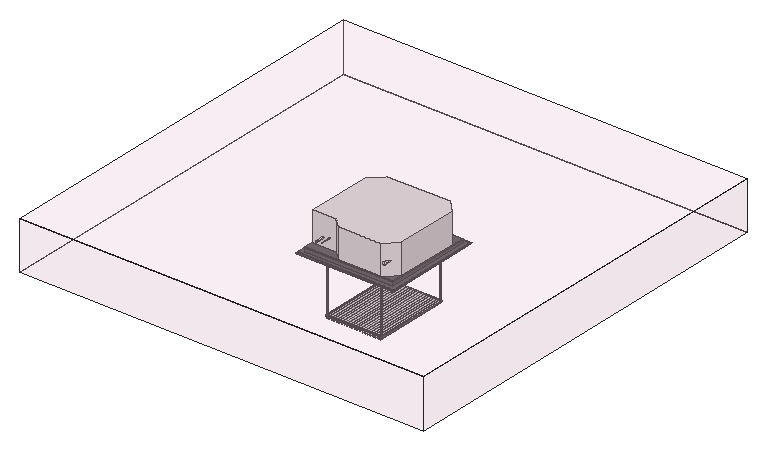
Revit family "Hitachi_Silent-iconic-design-elevation-grid-white-EU_LOD400", category Mechanical Equipment, Revit 2018
Family settings
  Round Connector Dimension = Use Diameter
  Classification = None
  Part Type = Normal
  OmniClass Number = 23.75.70.00
  OmniClass Title = HVAC Distribution Devices
  Work Plane-Based = No
  Always vertical = Yes
  Cut with Voids When Loaded = No
  Shared = No
  Room Calculation Point = No
Parameters (values of type "RCI-6.0FSR1 + P-GP160NAPU")
  Uniformat code = "D3040"
  Uniformat = "Distribution Systems"
  Sound Pressure Level (hi) = 49
  Sound Pressure Level (Me) = 45
  Sound Pressure Level (Lo) = 49
  Sound Pressure Level (Hi2) = 51
  Refrigerant Type = ""
  Object type = ""
  Model = "4-way cassette Design Panel Silent-Iconic (Elevation Grille White) - EU"
  Nominal Heating Capacity = 18000 W
  Manufacturer = "Hitachi Air Conditioning Europe SAS"
  Nominal Cooling Capacity = 16000 W
  Clearance Zone [instance] = yes
  Reference description = "Elevation Grille (Natural White)"
  Reference = "RCI-6.0FSR1 + P-GP160NAPU"
  RCI Height = 298 mm
  Product Code = "RCI-6.0FSR1 + P-GP160NAPU"
  Overall width = 950 mm
  Overall height = 378 mm
  Overall depth = 950 mm
  Outlet Diameter = 32 mm
  OmniClass description = "Air Handling Units"
  OmniClass code = "23-33 25 00"
  Number of Phases = 1
  Nominal Voltage = 230 V
  Net Weight = 36.00 kg
  Name BIM&CO = "Indoor Unit"
  Minimum AC Voltage = 207 V
  Maximum AC Voltage = 253 V
  Masterformat Code = "23 73 00"
  MasterFormat = "Indoor Central-Station Air-Handling Units"
  Liquid Diameter = 9.52 mm
  Indoor fan - Air Flow Rate (Me) = 1560.0 m³/h
  Indoor fan - Air Flow Rate (Lo) = 1260.0 m³/h
  Indoor fan - Air Flow Rate (Hi2) = 2220.0 m³/h
  Indoor fan - Air Flow Rate (Hi) = 1980.0 m³/h
  Gas Diameter = 15.88 mm
  GTIN (Global Trade Item Number) = ""
  Frequency = 50 Hz
  Elevation Grid Height [instance] = 500 mm
  Connection type = "flare-nut connection"
  BIM&CO code = ""
  BC_VARIANT_ID = "963913"
  BC_OBJECT_VERSION = "#3"  # constant formula
  BC_OBJECT_ID = "428634"  # constant formula
  BC_MODEL_ID = "1194583"  # constant formula
Types (8, lengths in mm): name | Sound Pressure Level (hi) | Sound Pressure Level (Me) | Sound Pressure Level (Lo) | Sound Pressure Level (Hi2) | Nominal Heating Capacity | Nominal Cooling Capacity | Reference | Product Code | Net Weight | Liquid Diameter | Gas Diameter | BC_VARIANT_ID
  RCI-1.0FSR1 + P-GP160NAPU | 32 | 30 | 29 | 35 | 3200 W | 2800 W | "RCI-1.0FSR1 + P-GP160NAPU" | "RCI-1.0FSR1 + P-GP160NAPU" | 30.00 kg | 6.35 | 12.7 | "963906"
  RCI-1.5FSR1 + P-GP160NAPU | 33 | 32 | 29 | 37 | 4800 W | 4000 W | "RCI-1.5FSR1 + P-GP160NAPU" | "RCI-1.5FSR1 + P-GP160NAPU" | 31.00 kg | 6.35 | 12.7 | "963907"
  RCI-2.0FSR1 + P-GP160NAPU | 34 | 32 | 30 | 39 | 6300 W | 5600 W | "RCI-2.0FSR1 + P-GP160NAPU" | "RCI-2.0FSR1 + P-GP160NAPU" | 31.00 kg | 6.35 | 12.7 | "963908"
  RCI-2.5FSR1 + P-GP160NAPU | 39 | 35 | 31 | 45 | 8500 W | 7100 W | "RCI-2.5FSR1 + P-GP160NAPU" | "RCI-2.5FSR1 + P-GP160NAPU" | 32.00 kg | 9.52 | 15.88 | "963909"
  RCI-3.0FSR1 + P-GP160NAPU | 38 | 34 | 32 | 43 | 9000 W | 8000 W | "RCI-3.0FSR1 + P-GP160NAPU" | "RCI-3.0FSR1 + P-GP160NAPU" | 36.00 kg | 9.52 | 15.88 | "963910"
  RCI-4.0FSR1 + P-GP160NAPU | 46 | 41 | 35 | 51 | 12500 W | 11200 W | "RCI-4.0FSR1 + P-GP160NAPU" | "RCI-4.0FSR1 + P-GP160NAPU" | 36.00 kg | 9.52 | 15.88 | "963911"
  RCI-5.0FSR1 + P-GP160NAPU | 48 | 43 | 37 | 51 | 16000 W | 14000 W | "RCI-5.0FSR1 + P-GP160NAPU" | "RCI-5.0FSR1 + P-GP160NAPU" | 36.00 kg | 9.52 | 15.88 | "963912"
  RCI-6.0FSR1 + P-GP160NAPU | 49 | 45 | 49 | 51 | 18000 W | 16000 W | "RCI-6.0FSR1 + P-GP160NAPU" | "RCI-6.0FSR1 + P-GP160NAPU" | 36.00 kg | 9.52 | 15.88 | "963913"
Reference planes
  plane 1 "Centre (avant/arrière)": y = 0
  plane 2: z = 0
  plane 3 "Centre (gauche/droite)": x = 0
  plane 4: x = -475
  plane 5: x = 475
  plane 6: y = 475
  plane 7: y = -475
  plane 8: z = 28
  plane 9: y = 366.5
  plane 10: y = -366.5
  plane 11: z = 326
  plane 12: z = -51.5
  plane 13: z = 426
  plane 14 "Elevation grid base": z = -29.5
  plane 15 "Elevation grid": z = -529.5
Forms (mm)
  Extrusion 1, solid, material "Hitachi-Steel-White"
    sketch origin (0, 0, -3) x (-1, 0, 0) y (0, 0, 1)
      loop
        line (316.25, -28.5) -> (308.75, -28.5) -> (308.75, -48.5) -> (316.25, -48.5) -> (316.25, -28.5)
      loop
        line (366.25, -28.5) -> (358.75, -28.5) -> (358.75, -48.5) -> (366.25, -48.5) -> (366.25, -28.5)
      loop
        line (341.25, -28.5) -> (333.75, -28.5) -> (333.75, -48.5) -> (341.25, -48.5) -> (341.25, -28.5)
      loop
        line (291.25, -28.5) -> (283.75, -28.5) -> (283.75, -48.5) -> (291.25, -48.5) -> (291.25, -28.5)
      loop
        line (-316.25, -28.5) -> (-316.25, -48.5) -> (-308.75, -48.5) -> (-308.75, -28.5) -> (-316.25, -28.5)
      loop
        line (-366.25, -28.5) -> (-366.25, -48.5) -> (-358.75, -48.5) -> (-358.75, -28.5) -> (-366.25, -28.5)
      loop
        line (-341.25, -28.5) -> (-341.25, -48.5) -> (-333.75, -48.5) -> (-333.75, -28.5) -> (-341.25, -28.5)
      loop
        line (-291.25, -28.5) -> (-291.25, -48.5) -> (-283.75, -48.5) -> (-283.75, -28.5) -> (-291.25, -28.5)
    from -366.5 to 366.5
  Sweep 2, solid, material "Hitachi-Plastic-Black"
    path origin (0, 0, 0) x (1, 0, 0) y (0, 1, 0)
      loop
        line (-475, 475) -> (-475, -475) -> (475, -475) -> (475, 475) -> (-475, 475)
    profile origin (-475, 0, 0) x (1, 0, 0) y (0, 0, 1)
      loop
        line (0, -3) -> (0.996, -14.347)
        arc (0.996, -14.347) -> (1.577, -15.524) -> (2.8, -16) r 1.811
        line (2.8, -16) -> (49, -16) -> (49, -20) -> (107.5, -20) -> (107.5, -24.5) -> (108.5, -24.5) -> (117, -27.9) -> (117, -29.5) -> (108.5, -29.5) -> (108.5, -31.5) -> (203.947, -31.5) -> (203.947, 40) -> (49.035, 40) -> (49.035, 29.684) -> (46.438, 0) -> (8.343, 0) -> (8.343, -3) -> (0, -3)
  Extrusion 3, solid, material "Hitachi-Plastic-Black"
    sketch origin (0, -90, 0) x (1, 0, 0) y (0, 1, 0)
      loop
        circle (-264.844, -272.25) r 2.5
      loop
        circle (264.844, -272.25) r 2.5
      loop
        circle (-264.844, 452.25) r 2.5
      loop
        circle (264.844, 452.25) r 2.5
    from -529.5 to 0
Dimensions and locks
  equal spacing: plane 4, plane 3 "Centre (gauche/droite)", plane 5
  "Overall width": plane 4 to plane 5
  equal spacing: plane 6, plane 1 "Centre (avant/arrière)", plane 7
  "Overall depth": plane 6 to plane 7
  locked: plane 2 to plane 12 at 51.5
  "RCI Height": plane 11 to plane 8
  locked: plane 8 to plane 2 at 28
  locked: plane 13 to plane 11 at 100
  locked: plane 2 to plane 14 "Elevation grid base" at 29.5
  "Elevation Grid Height": plane 14 "Elevation grid base" to plane 15 "Elevation grid"
  aligned and locked: level to plane 2
  aligned and locked: Sweep 2 sketch curve to plane 4
  aligned and locked: Sweep 2 sketch curve to plane 6
  aligned and locked: plane 5 to Sweep 2 sketch curve
  aligned and locked: Sweep 2 sketch curve to plane 7
  aligned and locked: plane 3 "Centre (gauche/droite)" to nested 1
  aligned and locked: plane 1 "Centre (avant/arrière)" to nested 1
  aligned and locked: plane 3 "Centre (gauche/droite)" to nested 2
  aligned and locked: plane 1 "Centre (avant/arrière)" to nested 2
  aligned and locked: nested 2 to plane 15 "Elevation grid"
  aligned and locked: Extrusion 3 to plane 15 "Elevation grid"
  aligned and locked: plane 2 to Extrusion 3
Automatic sketch dimensions
  Extrusion 1 sketch curve to Extrusion 1 sketch curve = 7.5 mm  (x8)
  Extrusion 1 sketch curve to Extrusion 1 sketch curve = 17.5 mm  (x5)
  Extrusion 1 sketch curve to level = 51.5 mm  (x2)
  Extrusion 1 sketch curve to Extrusion 1 sketch curve = 0 mm  (x9)
  Extrusion 1 sketch curve to Extrusion 1 sketch curve = 20 mm  (x3)
  profile plane to Sweep 2 sketch curve = 0 mm
  Sweep 2 sketch curve to level = 0 mm
  Sweep 2 sketch curve to profile plane = 0.996 mm
  Sweep 2 sketch curve to Sweep 2 sketch curve = 1.804 mm
  Sweep 2 sketch curve to profile plane = 8.343 mm
  Sweep 2 sketch curve to level = 20 mm
  Sweep 2 sketch curve to Sweep 2 sketch curve = 40.657 mm
  Sweep 2 sketch curve to profile plane = 49.035 mm
  Sweep 2 sketch curve to Sweep 2 sketch curve = 58.5 mm
  Sweep 2 sketch curve to level = 24.5 mm
  Sweep 2 sketch curve to Sweep 2 sketch curve = 1 mm
  Sweep 2 sketch curve to Sweep 2 sketch curve = 0 mm
  Sweep 2 sketch curve to Sweep 2 sketch curve = 8.5 mm
  Sweep 2 sketch curve to level = 31.5 mm
  Sweep 2 sketch curve to Sweep 2 sketch curve = 86.947 mm
  Sweep 2 sketch curve to Sweep 2 sketch curve = 2 mm
  Sweep 2 sketch curve to Sweep 2 sketch curve = 1.6 mm
  Sweep 2 sketch curve to Sweep 2 sketch curve = 4 mm
  Sweep 2 sketch curve to Sweep 2 sketch curve = 1.653 mm
  Sweep 2 sketch curve to level = 3 mm
  level to Sweep 2 sketch curve = 40 mm
  Sweep 2 sketch curve to Sweep 2 sketch curve = 2.562 mm
  Sweep 2 sketch curve to Sweep 2 sketch curve = 10.316 mm
  Extrusion 1 sketch curve to Extrusion 1 sketch curve = 75 mm
  Extrusion 1 sketch curve to plane 14 "Elevation grid base" = 2 mm
  Extrusion 1 sketch curve to plane 12 = 0 mm
  plane 4 to Extrusion 1 sketch curve = 191.25 mm
  plane 5 to Extrusion 1 sketch curve = 191.25 mm
  Extrusion 3 sketch curve to plane 9 = 4.25 mm  (x2)
  plane 4 to Extrusion 3 sketch curve = 210.156 mm  (x2)
  plane 10 to Extrusion 3 sketch curve = 4.25 mm  (x2)
  plane 5 to Extrusion 3 sketch curve = 210.156 mm  (x2)
  radius of Extrusion 3 sketch curve = 2.5 mm  (x4)
Nested families
  nested 1: "Cassette 800 x 800 RCI FSR" at (0, 0, 28), type "Cassette 800 x 800 RCI FSR"
    with Overall height 298 mm
  nested 2: "Silent-iconic-elevation-grille" at (0, 0, -529.5), type "Silent-iconic-elevation-grille"
  nested 3: "BC_Clearance-zone" at (0, 1164.917, -51.5), visible <- "Clearance Zone", type "BC_Clearance-zone"
    with Width 3950 mm, Height 477.5 mm, Depth 3950 mm
Connectors
  piping at (-325, -420, 118), diameter 609.6
    settings: on nested 1, index 1, connector inside diameter 609.6 mm, connector length 0 mm, flow factor 0, pipe flow 0.0 L/s, pressure drop 0.0 Pa, fitting loss kfactor 0, connector angle 0.00°, fixture units 0, engagement length 0 mm, angle of deflection 0.00°, flow configuration 0, flow direction 0, fitting loss method 0, system type 7, joint type 0, gender type 0, connector reference index -1, connector utility 0, adjustable connector no, is connector primary yes, connector description ""
  piping at (-260, -430, 135), diameter 9.5
    settings: on nested 1, index 2, connector inside diameter 609.6 mm, connector length 0 mm, flow factor 0, pipe flow 0.0 L/s, pressure drop 0.0 Pa, fitting loss kfactor 0, connector angle 0.00°, fixture units 0, engagement length 0 mm, angle of deflection 0.00°, flow configuration 0, flow direction 0, fitting loss method 0, system type 7, joint type 0, gender type 0, connector reference index -1, connector utility 0, adjustable connector no, is connector primary no, connector description ""
  piping at (338, -420, 162), diameter 25
    settings: on nested 1, index 3, connector inside diameter 609.6 mm, connector length 0 mm, flow factor 0, pipe flow 0.0 L/s, pressure drop 0.0 Pa, fitting loss kfactor 0, connector angle 0.00°, fixture units 0, engagement length 0 mm, angle of deflection 0.00°, flow configuration 0, flow direction 0, fitting loss method 0, system type 7, joint type 0, gender type 0, connector reference index -1, connector utility 0, adjustable connector no, is connector primary no, connector description ""
  electrical at (0.274, -40.571, 326), driven by "Nominal Voltage"
    settings: on nested 1, index 4, voltage 230 V, apparent load 0 VA, apparent load phase1 0 VA, apparent load phase2 0 VA, apparent load phase3 0 VA, power factor 1, load classification "Autre", number of poles 1, system type 31, power factor state 1, is connector primary yes, connector utility no, sub classification motor no, connector description ""
Definition of nested family "Cassette 800 x 800 RCI FSR"
  Parameters (values of type "Cassette 800 x 800 RCI FSR")
    URL = ""
    Overall height = 248 mm
    Outlet Diameter = 25 mm
    Liquid Diameter = 6.35 mm
    Gas Diameter = 12.7 mm
    Description = "Standard Cassette 800*800.Individual control setting for each louver. Suitable up to 4,2 m height under ceiling . Optional motion sensor"
    Model = "Cassette 800 x 800 RCI FSR"
    Manufacturer = "Hitachi Air Conditioning Europe SAS"
    Default Elevation = 1219.2 mm
    Type Comments = ""
  Reference planes
    plane 1 "Centre (avant/arrière)": y = 0
    plane 2: z = 0
    plane 3 "Centre (gauche/droite)": x = 0
    plane 4 "Back": y = 420
    plane 5 "Right": x = 420
    plane 6 "Left": x = -420
    plane 7 "Front": y = -420
    plane 8: z = 0
    plane 9 "Top": z = 248
  Forms (mm)
    Extrusion 1, solid
      sketch origin (0, 0, 0) x (1, 0, 0) y (0, 1, 0)
        loop
          line (-306.863, 420) -> (-420, 306.863) -> (-420, -336) -> (-204.8, -336) -> (-99.6, -420) -> (306.863, -420) -> (420, -306.863) -> (420, 306.863) -> (306.863, 420) -> (-306.863, 420)
      from 248 to 0
    Extrusion 2, solid
      sketch origin (55, -336, -18) x (-1, 0, 0) y (0, 0, -1)
        loop
          circle (380, -108) r 6.35
      from 0 to 84
    Extrusion 3, solid
      sketch origin (0, -336, 16) x (-1, 0, 0) y (0, 0, -1)
        loop
          circle (260, -91) r 3.175
      from 0 to 94
    Extrusion 4, solid
      sketch origin (0, -336, 148) x (-1, 0, 0) y (0, 0, -1)
        loop
          circle (-338, 14) r 12.5
      from 0 to 84
  Dimensions and locks
    equal spacing: plane 6 "Left", plane 3 "Centre (gauche/droite)", plane 5 "Right"
    equal spacing: plane 7 "Front", plane 1 "Centre (avant/arrière)", plane 4 "Back"
    plane 6 "Left" to plane 5 "Right" = 840 mm
    plane 4 "Back" to plane 7 "Front" = 840 mm
    "Overall height": plane 9 "Top" to plane 8
    locked: Extrusion 4 sketch curve to plane 8 at 134
    locked: Extrusion 2 sketch curve to plane 8 at 90
    locked: Extrusion 3 sketch curve to plane 8 at 107
    "Gas Diameter": diameter of Extrusion 2 sketch curve
    "Liquid Diameter": diameter of Extrusion 3 sketch curve
    "Outlet Diameter": diameter of Extrusion 4 sketch curve
    aligned and locked: Extrusion 1 sketch curve to plane 7 "Front"
    aligned and locked: Extrusion 1 sketch curve to plane 5 "Right"
    aligned and locked: Extrusion 1 sketch curve to plane 4 "Back"
    aligned and locked: plane 7 "Front" to Extrusion 1 sketch curve
    aligned and locked: Extrusion 1 to plane 9 "Top"
    aligned and locked: Extrusion 1 to plane 8
  Automatic sketch dimensions
    Extrusion 1 sketch curve to plane 6 "Left" = 0 mm
    plane 6 "Left" to Extrusion 1 sketch curve = 113.137 mm
    plane 7 "Front" to Extrusion 1 sketch curve = 84 mm
    plane 3 "Centre (gauche/droite)" to Extrusion 1 sketch curve = 204.8 mm
    plane 3 "Centre (gauche/droite)" to Extrusion 1 sketch curve = 99.6 mm
    plane 5 "Right" to Extrusion 1 sketch curve = 113.137 mm  (x2)
    plane 4 "Back" to Extrusion 1 sketch curve = 113.137 mm  (x2)
    plane 7 "Front" to Extrusion 1 sketch curve = 113.137 mm
    Extrusion 2 sketch curve to plane 6 "Left" = 95 mm
    Extrusion 3 sketch curve to plane 6 "Left" = 160 mm
    Extrusion 4 sketch curve to plane 5 "Right" = 82 mm
Definition of nested family "Silent-iconic-elevation-grille"
  Reference planes
    plane 1 "Centre (avant/arrière)": y = 0
    plane 2: z = 0
    plane 3 "Centre (gauche/droite)": x = 0
    plane 4: x = -1349.063
    plane 5: x = 1349.063
    plane 6: y = 810.083
    plane 7: y = -926.271
  Forms (mm)
    Extrusion 1, solid
      sketch origin (0, 0, -2) x (1, 0, 0) y (0, 0, 1)
        loop
          line (-266.5, 0) -> (-266.5, -20) -> (-258.5, -20) -> (-258.5, 0) -> (-266.5, 0)
        loop
          line (-241.5, 0) -> (-241.5, -20) -> (-233.5, -20) -> (-233.5, 0) -> (-241.5, 0)
        loop
          line (-216.5, 0) -> (-216.5, -20) -> (-208.5, -20) -> (-208.5, 0) -> (-216.5, 0)
        loop
          line (-191.5, 0) -> (-191.5, -20) -> (-183.5, -20) -> (-183.5, 0) -> (-191.5, 0)
        loop
          line (-166.5, 0) -> (-166.5, -20) -> (-158.5, -20) -> (-158.5, 0) -> (-166.5, 0)
        loop
          line (-141.5, 0) -> (-141.5, -20) -> (-133.5, -20) -> (-133.5, 0) -> (-141.5, 0)
        loop
          line (-116.5, 0) -> (-116.5, -20) -> (-108.5, -20) -> (-108.5, 0) -> (-116.5, 0)
        loop
          line (-91.5, 0) -> (-91.5, -20) -> (-83.5, -20) -> (-83.5, 0) -> (-91.5, 0)
        loop
          line (-66.5, 0) -> (-66.5, -20) -> (-58.5, -20) -> (-58.5, 0) -> (-66.5, 0)
        loop
          line (-41.5, 0) -> (-41.5, -20) -> (-33.5, -20) -> (-33.5, 0) -> (-41.5, 0)
        loop
          line (-16.5, 0) -> (-16.5, -20) -> (-8.5, -20) -> (-8.5, 0) -> (-16.5, 0)
        loop
          line (266.5, 0) -> (258.5, 0) -> (258.5, -20) -> (266.5, -20) -> (266.5, 0)
        loop
          line (241.5, 0) -> (233.5, 0) -> (233.5, -20) -> (241.5, -20) -> (241.5, 0)
        loop
          line (216.5, 0) -> (208.5, 0) -> (208.5, -20) -> (216.5, -20) -> (216.5, 0)
        loop
          line (191.5, 0) -> (183.5, 0) -> (183.5, -20) -> (191.5, -20) -> (191.5, 0)
        loop
          line (166.5, 0) -> (158.5, 0) -> (158.5, -20) -> (166.5, -20) -> (166.5, 0)
        loop
          line (141.5, 0) -> (133.5, 0) -> (133.5, -20) -> (141.5, -20) -> (141.5, 0)
        loop
          line (116.5, 0) -> (108.5, 0) -> (108.5, -20) -> (116.5, -20) -> (116.5, 0)
        loop
          line (91.5, 0) -> (83.5, 0) -> (83.5, -20) -> (91.5, -20) -> (91.5, 0)
        loop
          line (66.5, 0) -> (58.5, 0) -> (58.5, -20) -> (66.5, -20) -> (66.5, 0)
        loop
          line (41.5, 0) -> (33.5, 0) -> (33.5, -20) -> (41.5, -20) -> (41.5, 0)
        loop
          line (16.5, 0) -> (8.5, 0) -> (8.5, -20) -> (16.5, -20) -> (16.5, 0)
      from -366.5 to 366.5
    Extrusion 2, solid
      sketch origin (0, 0, -2) x (1, 0, 0) y (0, 0, 1)
        loop
          line (-277.334, -7.5) -> (-275.631, -7.5) -> (-275.631, -2.5) -> (-269.044, -2.5) -> (-269.044, 2) -> (-277.334, 2) -> (-277.334, -7.5)
        loop
          line (277.334, -7.5) -> (277.334, 2) -> (269.044, 2) -> (269.044, -2.5) -> (275.631, -2.5) -> (275.631, -7.5) -> (277.334, -7.5)
      from -366.5 to 366.5
    Extrusion 3, solid
      sketch origin (0, 0, -2) x (1, 0, 0) y (0, 0, 1)
        loop
          line (-269.044, 2) -> (-269.044, 0) -> (269.044, 0) -> (269.044, 2) -> (-269.044, 2)
      from 356.5 to 366.5
    Extrusion 4, solid
      sketch origin (0, 0, -2) x (1, 0, 0) y (0, 0, -1)
        loop
          line (-269.044, -2) -> (269.044, -2) -> (269.044, 0) -> (-269.044, 0) -> (-269.044, -2)
      from 356.5 to 366.5
  Cuts and joins
    joined: Extrusion 2, Extrusion 3, Extrusion 4
  Dimensions and locks
    equal spacing: plane 4, plane 3 "Centre (gauche/droite)", plane 5
    plane 4 to plane 5 = 2698.126 mm
    plane 6 to plane 1 "Centre (avant/arrière)" to plane 7 = 810.083 mm, 926.271 mm
    plane 6 to plane 7 = 1736.354 mm
    aligned and locked: level to plane 2
  Automatic sketch dimensions
    Extrusion 1 sketch curve to level = 2 mm  (x22)
    Extrusion 1 sketch curve to plane 3 "Centre (gauche/droite)" = 266.5 mm
    Extrusion 1 sketch curve to Extrusion 1 sketch curve = 8 mm  (x22)
    Extrusion 1 sketch curve to Extrusion 1 sketch curve = 17 mm  (x19)
    Extrusion 1 sketch curve to plane 3 "Centre (gauche/droite)" = 16.5 mm
    plane 3 "Centre (gauche/droite)" to Extrusion 1 sketch curve = 8.5 mm
    Extrusion 1 sketch curve to level = 22 mm  (x4)
    Extrusion 1 sketch curve to Extrusion 1 sketch curve = 20 mm  (x17)
    Extrusion 1 sketch curve to Extrusion 1 sketch curve = 0 mm
    Extrusion 2 sketch curve to level = 9.5 mm
    Extrusion 2 sketch curve to plane 3 "Centre (gauche/droite)" = 277.334 mm
    Extrusion 2 sketch curve to Extrusion 2 sketch curve = 1.703 mm  (x2)
    level to Extrusion 2 sketch curve = 0 mm  (x2)
    Extrusion 2 sketch curve to Extrusion 2 sketch curve = 6.587 mm  (x2)
    plane 3 "Centre (gauche/droite)" to Extrusion 2 sketch curve = 269.044 mm
    Extrusion 2 sketch curve to level = 4.5 mm  (x2)
    Extrusion 2 sketch curve to Extrusion 2 sketch curve = 5 mm
    Extrusion 3 sketch curve to level = 2 mm
    Extrusion 3 sketch curve to plane 3 "Centre (gauche/droite)" = 269.044 mm
    plane 3 "Centre (gauche/droite)" to Extrusion 3 sketch curve = 269.044 mm
    level to Extrusion 3 sketch curve = 0 mm
    Extrusion 4 sketch curve to level = 2 mm
    Extrusion 4 sketch curve to plane 3 "Centre (gauche/droite)" = 269.044 mm
    plane 3 "Centre (gauche/droite)" to Extrusion 4 sketch curve = 269.044 mm
    level to Extrusion 4 sketch curve = 0 mm
Definition of nested family "BC_Clearance-zone"
  Parameters (values of type "BC_Clearance-zone")
    Width [instance] = 2500 mm
    Height [instance] = 1400 mm
    Depth [instance] = 1600 mm
  Reference planes
    plane 1 "Centre (avant/arrière)": y = 0
    plane 2: z = 0
    plane 3 "Centre (gauche/droite)": x = 0
    plane 4: x = -1250
    plane 5: x = 1250
    plane 6: y = 810.083
    plane 7: y = -789.917
    plane 8: z = 1400
  Forms (mm)
    Extrusion 1, solid
      sketch origin (0, 0, 0) x (1, 0, 0) y (0, 1, 0)
        loop
          line (-1250, 810.083) -> (-1250, -789.917) -> (1250, -789.917) -> (1250, 810.083) -> (-1250, 810.083)
      from 0 to 1400
  Lines and regions (mm)
    symbolic lines
      curve 1: line (0, 810.083, 1400) -> (0, -789.917, 1400)
      curve 2: line (0, 810.083, 0) -> (0, 810.083, 1400)
      curve 3: line (0, -789.917, 0) -> (0, 810.083, 0)
      curve 4: line (0, -789.917, 1400) -> (0, -789.917, 0)
      curve 5: line (-1250, 0, 1400) -> (1250, 0, 1400)
      curve 6: line (-1250, 0, 0) -> (-1250, 0, 1400)
      curve 7: line (1250, 0, 0) -> (-1250, 0, 0)
      curve 8: line (1250, 0, 1400) -> (1250, 0, 0)
      curve 9: line (-1250, 810.083, 0) -> (1250, 810.083, 0)
      curve 10: line (-1250, -789.917, 0) -> (-1250, 810.083, 0)
      curve 11: line (1250, -789.917, 0) -> (-1250, -789.917, 0)
      curve 12: line (1250, 810.083, 0) -> (1250, -789.917, 0)
  Dimensions and locks
    equal spacing: plane 4, plane 3 "Centre (gauche/droite)", plane 5
    "Width": plane 4 to plane 5
    plane 6 to plane 1 "Centre (avant/arrière)" to plane 7 = 810.083 mm, 789.917 mm
    "Depth": plane 6 to plane 7
    "Height": plane 8 to plane 2
    aligned and locked: level to plane 2
    aligned and locked: Extrusion 1 sketch curve to plane 6
    aligned and locked: plane 5 to Extrusion 1 sketch curve
    aligned and locked: plane 7 to Extrusion 1 sketch curve
    aligned and locked: plane 4 to Extrusion 1 sketch curve
    aligned and locked: plane 8 to Extrusion 1
    aligned and locked: curve 1 to plane 8
    aligned and locked: plane 2 to curve 3
    aligned and locked: plane 7 to curve 4
    aligned and locked: curve 2 to plane 6
  Automatic sketch dimensions
    curve 7 to level = 0 mm
    curve 7 to plane 4 = 0 mm
    plane 5 to curve 7 = 0 mm
    curve 6 to plane 8 = 0 mm
    curve 11 to plane 4 = 0 mm
    curve 11 to plane 5 = 0 mm
    curve 11 to plane 7 = 0 mm
    curve 10 to plane 6 = 0 mm
